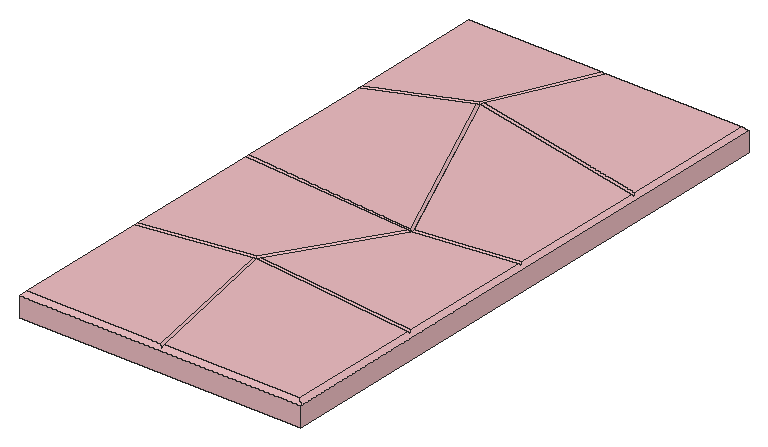
Revit family "SKEW  2ft x 4ft", category Specialty Equipment, Revit 2023
Family settings
  Round Connector Dimension = Use Diameter
  Part Type = Normal
  OmniClass Number = 23.35.00.00
  OmniClass Title = Covering, Cladding, and Finishes
  Work Plane-Based = Yes
  Enable Cutting in Views = Yes
  Always vertical = No
  Cut with Voids When Loaded = No
  Maintain Annotation Orientation = No
  Shared = No
  Room Calculation Point = No
Parameters (values of type "2 INCH THICK - CUSTOM PAINTED - STANDARD")
  URL = "https://www.acousticalsurfaces.com/envirocoustic-wood-wool/designs/"
  Type Comments = "Acoustic panels for vertical and horizontal surfaces"
  Thickness = 0' - 2"
  Recycled Content Percentage = "0%"
  Model = "Envirocoustic Wood Wool"
  Material = "Envirocoustic Wood Wool"
  Manufacturer = "Acoustical Surfaces, Inc."
  Fire Rating = "ASTM E84 - Class A"
  Finish = Paint - Acoustical-Surfaces - Custom Painted
  Description = "Acoustic Panels"
  Default Elevation = 0' - 0"
  Backer Thickness = 0' - 1"
  Backer = no
  Assembly Code = "C30"
  Acoustics - NRC = "Sound absorption varies from NRC 0.45 to 0.95 based on installation method used when tested per ASTM C423."
Types (27): name | Thickness | Finish | Backer Thickness | Backer
  2 INCH THICK - CUSTOM PAINTED - STANDARD | 0' - 2" | Paint - Acoustical-Surfaces - Custom Painted | 0' - 1" | no
  2 INCH THICK - PRIMED WHITE - STANDARD | 0' - 2" | Paint - Acoustical-Surfaces - Primed White | 0' - 1" | no
  2 INCH THICK - PRIMED CLEAR - STANDARD | 0' - 2" | Paint - Acoustical-Surfaces - Primed Clear | 0' - 1" | no
  2 INCH THICK - PRIMED WHITE - 2 INCH CFAB BACKER | 0' - 2" | Paint - Acoustical-Surfaces - Primed White | 0' - 2" | yes
  2 INCH THICK - PRIMED WHITE - 1 INCH CFAB BACKER | 0' - 2" | Paint - Acoustical-Surfaces - Primed White | 0' - 1" | yes
  2 INCH THICK - PRIMED CLEAR - 2 INCH CFAB BACKER | 0' - 2" | Paint - Acoustical-Surfaces - Primed Clear | 0' - 2" | yes
  2 INCH THICK - PRIMED CLEAR - 1 INCH CFAB BACKER | 0' - 2" | Paint - Acoustical-Surfaces - Primed Clear | 0' - 1" | yes
  2 INCH THICK - CUSTOM PAINTED - 2 INCH CFAB BACKER | 0' - 2" | Paint - Acoustical-Surfaces - Custom Painted | 0' - 2" | yes
  2 INCH THICK - CUSTOM PAINTED - 1 INCH CFAB BACKER | 0' - 2" | Paint - Acoustical-Surfaces - Custom Painted | 0' - 1" | yes
  1-3/8 INCH THICK - CUSTOM PAINTED - STANDARD | 0' - 1 3/8" | Paint - Acoustical-Surfaces - Custom Painted | 0' - 1" | no
  1-3/8 INCH THICK - PRIMED WHITE - STANDARD | 0' - 1 3/8" | Paint - Acoustical-Surfaces - Primed White | 0' - 1" | no
  1-3/8 INCH THICK - PRIMED CLEAR - STANDARD | 0' - 1 3/8" | Paint - Acoustical-Surfaces - Primed Clear | 0' - 1" | no
  1-3/8 INCH THICK - PRIMED WHITE - 2 INCH CFAB BACKER | 0' - 1 3/8" | Paint - Acoustical-Surfaces - Primed White | 0' - 2" | yes
  1-3/8 INCH THICK - PRIMED WHITE - 1 INCH CFAB BACKER | 0' - 1 3/8" | Paint - Acoustical-Surfaces - Primed White | 0' - 1" | yes
  1-3/8 INCH THICK - PRIMED CLEAR - 2 INCH CFAB BACKER | 0' - 1 3/8" | Paint - Acoustical-Surfaces - Primed Clear | 0' - 2" | yes
  1-3/8 INCH THICK - PRIMED CLEAR - 1 INCH CFAB BACKER | 0' - 1 3/8" | Paint - Acoustical-Surfaces - Primed Clear | 0' - 1" | yes
  1-3/8 INCH THICK - CUSTOM PAINTED - 2 INCH CFAB BACKER | 0' - 1 3/8" | Paint - Acoustical-Surfaces - Custom Painted | 0' - 2" | yes
  1-3/8 INCH THICK - CUSTOM PAINTED - 1 INCH CFAB BACKER | 0' - 1 3/8" | Paint - Acoustical-Surfaces - Custom Painted | 0' - 1" | yes
  1 INCH THICK - CUSTOM PAINTED - STANDARD | 0' - 1" | Paint - Acoustical-Surfaces - Custom Painted | 0' - 1" | no
  1 INCH THICK - PRIMED WHITE - STANDARD | 0' - 1" | Paint - Acoustical-Surfaces - Primed White | 0' - 1" | no
  1 INCH THICK - PRIMED CLEAR - STANDARD | 0' - 1" | Paint - Acoustical-Surfaces - Primed Clear | 0' - 1" | no
  1 INCH THICK - PRIMED WHITE - 2 INCH CFAB BACKER | 0' - 1" | Paint - Acoustical-Surfaces - Primed White | 0' - 2" | yes
  1 INCH THICK - PRIMED WHITE - 1 INCH CFAB BACKER | 0' - 1" | Paint - Acoustical-Surfaces - Primed White | 0' - 1" | yes
  1 INCH THICK - PRIMED CLEAR - 2 INCH CFAB BACKER | 0' - 1" | Paint - Acoustical-Surfaces - Primed Clear | 0' - 2" | yes
  1 INCH THICK - PRIMED CLEAR - 1 INCH CFAB BACKER | 0' - 1" | Paint - Acoustical-Surfaces - Primed Clear | 0' - 1" | yes
  1 INCH THICK - CUSTOM PAINTED - 2 INCH CFAB BACKER | 0' - 1" | Paint - Acoustical-Surfaces - Custom Painted | 0' - 2" | yes
  1 INCH THICK - CUSTOM PAINTED - 1 INCH CFAB BACKER | 0' - 1" | Paint - Acoustical-Surfaces - Custom Painted | 0' - 1" | yes
Reference planes (in)
  plane 1 "Center (Front/Back)": y = 0
  plane 2: z = 0
  plane 3 "Center (Left/Right)": x = 0
  plane 4: x = -12
  plane 5: x = 12
  plane 6: y = 24
  plane 7: y = -24
  plane 8: z = 2
  plane 9: z = -1
Forms (in)
  Extrusion 1, solid, material "Paint - Acoustical-Surfaces - Custom Painted" <- "Finish"
    sketch origin (0, 0, 0) x (1, 0, 0) y (0, 1, 0)
      loop
        line (12, 24) -> (-12, 24) -> (-12, -24) -> (12, -24) -> (12, 24)
    from 0 to 2
  Sweep 2, void
    path in 3D
      loop
        line (12, 24, 2) -> (-12, 24, 2) -> (-12, -24, 2) -> (12, -24, 2) -> (12, 24, 2)
    profile "Triangle : Family2" origin (12, 0, 2) x (-1, 0, 0) y (0, 0, 1)
      loop
        line (0, 0) -> (0, -0.315) -> (0.315, 0) -> (0, 0)
  Extrusion 3, solid, visible <- "Backer"
    sketch origin (0, 0, 0) x (1, 0, 0) y (0, 1, 0)
      loop
        line (12, 24) -> (-12, 24) -> (-12, -24) -> (12, -24) -> (12, 24)
    from 0 to -1
  Sweep 4, void
    path origin (0, 0, 2) x (1, 0, 0) y (0, 1, 0)
      loop
        line (0, -24) -> (-2.56202, -10.47701) -> (3.27136, -1.11019) -> (-4.079, 15.36312) -> (0, 24)
    profile "Groove : Family2" origin (-2.0395, 19.68156, 2) x (-0.90423, 0.427047, 0) y (0, 0, 1)
      loop
        line (-0.1575, 0) -> (0, -0.1575) -> (0.1575, 0) -> (-0.1575, 0)
  Sweep 5, void
    path origin (0, 0, 2) x (1, 0, 0) y (0, 1, 0)
      loop
        line (12, 12) -> (-4.079, 15.36312) -> (-12, 12)
    profile "Groove : Family2" origin (3.9605, 13.68156, 2) x (-0.204732, -0.978818, 0) y (0, 0, 1)
      loop
        line (-0.1575, 0) -> (0, -0.1575) -> (0.1575, 0) -> (-0.1575, 0)
  Sweep 6, void
    path origin (0, 0, 2) x (1, 0, 0) y (0, 1, 0)
      loop
        line (12, 0) -> (3.27136, -1.11019) -> (-12, 0)
    profile "Groove : Family2" origin (7.63568, -0.55509, 2) x (0.126172, -0.992008, 0) y (0, 0, 1)
      loop
        line (-0.1575, 0) -> (0, -0.1575) -> (0.1575, 0) -> (-0.1575, 0)
  Sweep 7, void
    path origin (0, 0, 2) x (1, 0, 0) y (0, 1, 0)
      loop
        line (12, -12) -> (-2.56202, -10.47701) -> (-12, -12)
    profile "Groove : Family2" origin (4.71899, -11.2385, 2) x (-0.104019, -0.994575, 0) y (0, 0, 1)
      loop
        line (-0.1575, 0) -> (0, -0.1575) -> (0.1575, 0) -> (-0.1575, 0)
Cuts and joins
  Sweep 2, Sweep 4, Sweep 5, Sweep 6, Sweep 7 cuts Extrusion 1
Lines and regions (in)
  sketch lines
    curve 1: line (12, -24, 2) -> (12, 24, 2)
    curve 2: line (-12, -24, 2) -> (12, -24, 2)
    curve 3: line (-12, 24, 2) -> (-12, -24, 2)
    curve 4: line (12, 24, 2) -> (-12, 24, 2)
Dimensions and locks (in)
  equal spacing: plane 4, plane 3 "Center (Left/Right)", plane 5
  equal spacing: plane 7, plane 1 "Center (Front/Back)", plane 6
  plane 7 to plane 6 = 4' - 0"
  locked: plane 4 to plane 5 at 24
  "Thickness": plane 8 to level
  "Backer Thickness": level to plane 9
  aligned and locked: level to plane 2
  aligned and locked: Extrusion 1 sketch curve to plane 4
  aligned and locked: plane 5 to Extrusion 1 sketch curve
  aligned and locked: Extrusion 1 sketch curve to plane 6
  aligned and locked: Extrusion 1 sketch curve to plane 7
  aligned and locked: Extrusion 1 to plane 8
  aligned and locked: Extrusion 3 sketch curve to plane 4
  aligned and locked: plane 5 to Extrusion 3 sketch curve
  aligned and locked: Extrusion 3 sketch curve to plane 6
  aligned and locked: Extrusion 3 sketch curve to plane 7
  aligned and locked: plane 9 to Extrusion 3
Automatic sketch dimensions
  Sweep 4 sketch curve to Extrusion 1 = 0' - 0"
  Sweep 4 sketch curve to Extrusion 1 = 0' - 7.921"
  Sweep 4 sketch curve to Extrusion 1 = 0' - 8.63688"
  Sweep 4 sketch curve to Sweep 4 sketch curve = 0' - 4.079"
  Sweep 4 sketch curve to Extrusion 1 = 0' - 8.72864"
  Sweep 4 sketch curve to Sweep 4 sketch curve = 1' - 4.4733"
  Sweep 4 sketch curve to Extrusion 1 = 0' - 9.43798"
  Sweep 4 sketch curve to Sweep 4 sketch curve = 0' - 9.36682"
  Extrusion 1 to Sweep 4 sketch curve = 0' - 0"
  Sweep 4 sketch curve to Extrusion 1 = 1' - 0"
  Sweep 5 sketch curve to Extrusion 1 = 0' - 0"  (x2)
  Sweep 5 sketch curve to Extrusion 1 = 0' - 7.921"
  Sweep 5 sketch curve to Extrusion 1 = 0' - 8.63688"
  Sweep 5 sketch curve to Extrusion 1 = 1' - 0"
  Sweep 5 sketch curve to Sweep 5 sketch curve = 0' - 3.36312"
  Sweep 6 sketch curve to Extrusion 1 = 0' - 0"  (x2)
  Sweep 6 sketch curve to Extrusion 1 = 0' - 8.72864"
  Sweep 6 sketch curve to Extrusion 1 = 1' - 10.88981"
  Sweep 6 sketch curve to Sweep 6 sketch curve = 0' - 1.11019"  (x2)
  Sweep 7 sketch curve to Extrusion 1 = 0' - 0"  (x2)
  Sweep 7 sketch curve to Extrusion 1 = 0' - 9.43798"
  Sweep 7 sketch curve to Extrusion 1 = 1' - 1.52299"
  Sweep 7 sketch curve to Extrusion 1 = 1' - 0"
  Sweep 7 sketch curve to Sweep 7 sketch curve = 0' - 1.52299"
